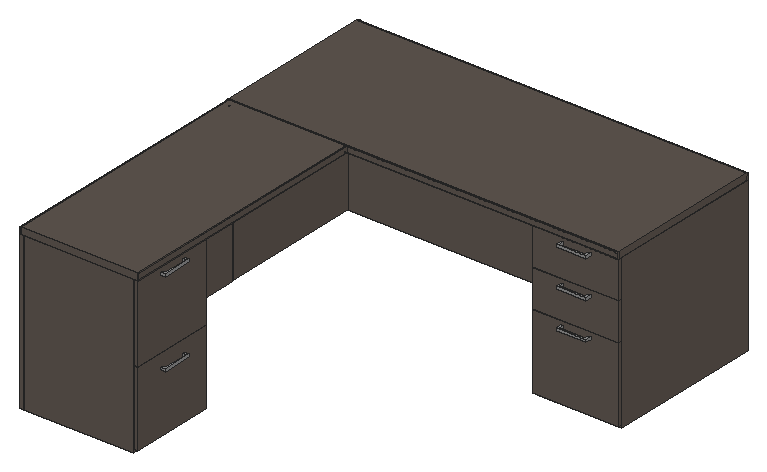
Revit family "T100296", category Furniture, Revit 2022
Family settings
  OmniClass Number = 23.40.20.00
  OmniClass Title = General Furniture and Specialties
  Work Plane-Based = No
  Always vertical = Yes
  Cut with Voids When Loaded = No
  Render Appearance Source = Family Geometry
  Shared = No
  Room Calculation Point = No
Parameters (values of type "T100296")
  URL = "https://ofs.com/"
  Manufacturer = "OFS"
  Description = "OFS TYPICAL T100296"
  Default Elevation = 0"
  Copyright © = "©OFS 2021"
  Catalog = "https://ofs.com/2020-experience"
  Authoring Version = "Autodesk Revit Architecture 2015"
  Assembly Code = "E2020400"
Reference planes (in)
  plane 1 "Center Front/Back": y = 0
  plane 2: z = 0
  plane 3 "Center Left/Right": x = 0
Dimensions and locks (in)
  aligned and locked: level to plane 2
Nested families (in)
  nested 1: "OFS ELEMENT OPEN L DESK LEFT AND RIGHT 84in Width 60in Return" at (102, 18.84375, 84), type "ELEMENT OPEN L DESK LEFT RETURN 84in Width 60in Return"
    with Right Desk Ovelay no, Left Desk Overlay no, Desk Overlay Option yes
  nested 2: "OFS IMPULSE G2 FULL SINGLE PEDESTAL RETURNS" at (14, -24, 0) x (0, 1, 0) z (0, 0, 1), type "Full Single Pedestal Return 22x48 left"
  nested 3: "OFS IMPULSE G2 RECTANGULAR FULL SINGLE PEDESTAL DESKS Right" at (33, 15, 0), type "Full Single Pedestal Desk 72x30 Right"
Definition of nested family "OFS IMPULSE G2 FULL SINGLE PEDESTAL RETURNS"
  Parameters (values of type "Full Single Pedestal Return 22x42 left")
    Width = 42"
    URL = "https://ofs.com/"
    Right = no
    Overhang = 0"
    Left = yes
    Height = 30"
    Model = "5-2242FLPR2"
    Drawer Front = none
    Depth = 22"
    Top Material = none
    Manufacturer = "OFS"
    Edge Material = none
    Description = "OFS IMPULSE G2 FULL SINGLE PEDESTAL RETURN, Left Sided, 42\" Width X 22\" Depth"
    Default Elevation = 0"
    Copyright © = "©OFS 2020"
    Chassis Material = none
    Catalog = "https://ofs.com/products/casegoods/private-office/impulse-g2"
    Authoring Version = "Autodesk Revit Architecture 2015"
    Assembly Code = "E2020200"
  Types (5): name | Width | Right | Left | Model | Description
    (no name) | 42" | no | yes | "5-2242FLPR2" | "OFS IMPULSE G2 FULL SINGLE PEDESTAL RETURN, Left Sided, 42\" Width X 22\" Depth"
    Full Single Pedestal Return 22x42 left | 42" | no | yes | "5-2242FLPR2" | "OFS IMPULSE G2 FULL SINGLE PEDESTAL RETURN, Left Sided, 42\" Width X 22\" Depth"
    Full Single Pedestal Return 22x48 left | 48" | no | yes | "5-2248FLPR2" | "OFS IMPULSE G2 FULL SINGLE PEDESTAL RETURN, Left Sided, 48\" Width X 22\" Depth"
    Full Single Pedestal Return 22x42 Right | 42" | yes | no | "5-2242FRPR2" | "OFS IMPULSE G2 FULL SINGLE PEDESTAL RETURN, Right Sided, 42\" Width X 22\" Depth"
    Full Single Pedestal Return 22x48 Right | 48" | yes | no | "5-2248FRPR2" | "OFS IMPULSE G2 FULL SINGLE PEDESTAL RETURN, Right Sided, 48\" Width X 22\" Depth"
  Reference planes (in)
    plane 1 "Center Front/Back": y = 3
    plane 2: z = 0
    plane 3 "Center Left/Right": x = 0
    plane 4 "LEFT": x = -21
    plane 5 "RIGHT": x = 21
    plane 6 "DESK TOP": z = 30
    plane 7 "BASE HEIGHT": z = 28.812
    plane 8 "FRONT": y = -8
    plane 9 "PEDESTAL BOTTOM": z = 0
    plane 10 "PEDESTAL TOP": z = 28.687
    plane 11: z = 0.563
    plane 12 "PEDESTAL FRONT": y = -7
    plane 13 "DRAWER FRONT": y = -7.75
    plane 14 "ARC DEPTH": y = 14
    plane 15: z = 14.313
    plane 16: z = 14.438
    plane 17: z = 21.874
    plane 18: z = 21.75
    plane 19: x = -20.937
    plane 20: x = 20.937
    plane 21: x = -5.187
    plane 22: x = -5.124
    plane 23: x = 5.187
    plane 24: x = 5.124
    plane 25: x = -19.937
    plane 26: x = -5.874
    plane 27: x = 5.874
    plane 28: z = 0.75
    plane 29 "MODESTY PANEL": y = 14
    plane 30: y = 13.25
    plane 31: y = 13.875
  Forms (in)
    Extrusion 1, solid, material <- "Drawer Front", visible <- "Left"
      sketch origin (0, -7.75, 0) x (1, 0, 0) y (0, 0, 1)
        loop
          line (-20.937, 14.313) -> (-20.937, 0.563) -> (-5.187, 0.563) -> (-5.187, 14.313) -> (-20.937, 14.313)
      from -0.75 to 0
    Extrusion 2, solid, material <- "Drawer Front", visible <- "Right"
      sketch origin (0, -7.75, 0) x (-1, 0, 0) y (0, 0, -1)
        loop
          line (-20.937, -14.313) -> (-5.187, -14.313) -> (-5.187, -0.563) -> (-20.937, -0.563) -> (-20.937, -14.313)
      from -0.75 to 0
    Extrusion 3, solid, material <- "Drawer Front", visible <- "Right"
      sketch origin (0, -7.75, 0) x (-1, 0, 0) y (0, 0, -1)
        loop
          line (-20.937, -28.687) -> (-5.187, -28.687) -> (-5.187, -14.438) -> (-20.937, -14.438) -> (-20.937, -28.687)
      from -0.75 to 0
    Extrusion 4, solid, material <- "Chassis Material", visible <- "Left"
      sketch origin (-21, 0, 0) x (0, 1, 0) y (0, 0, 1)
        loop
          line (-7, 28.687) -> (-7, 0) -> (13.25, 0) -> (13.25, 28.687) -> (-7, 28.687)
      from 0 to 1.063
    Extrusion 5, solid, material <- "Chassis Material", visible <- "Right"
      sketch origin (36, 0, 0) x (0, 1, 0) y (0, 0, -1)
        loop
          line (-7, -28.687) -> (13.25, -28.687) -> (13.25, 0.001) -> (-7, 0.001) -> (-7, -28.687)
      from 15 to 16.063
    Extrusion 6, solid, material <- "Chassis Material", visible <- "Right"
      sketch origin (18, 0, 0) x (0, 1, 0) y (0, 0, -1)
        loop
          line (-7, -28.812) -> (13.25, -28.812) -> (13.25, 0) -> (-7, 0) -> (-7, -28.812)
      from 12.126 to 12.876
    Extrusion 7, solid, material <- "Chassis Material", visible <- "Left"
      sketch origin (-15, 0, 0) x (0, 1, 0) y (0, 0, -1)
        loop
          line (-7, -28.812) -> (13.25, -28.812) -> (13.25, 0) -> (-7, 0) -> (-7, -28.812)
      from -9.876 to -9.126
    Extrusion 8, solid, material <- "Chassis Material", visible <- "Left"
      sketch origin (0, 14, 0) x (-1, 0, 0) y (0, 0, 1)
        loop
          line (5.124, 28.812) -> (5.124, 0) -> (21, 0) -> (21, 28.812) -> (5.124, 28.812)
      from -0.75 to 0
    Extrusion 9, solid, material <- "Chassis Material", visible <- "Left"
      sketch origin (0, 0, 0) x (0, 1, 0) y (-1, 0, 0)
        loop
          line (13.25, 5.874) -> (13.25, 19.937) -> (-7, 19.937) -> (-7, 5.874) -> (13.25, 5.874)
      from 0 to 0.75
    Extrusion 10, solid, material <- "Chassis Material", visible <- "Right"
      sketch origin (0, 0, 0) x (0, 1, 0) y (-1, 0, 0)
        loop
          line (13.25, -5.874) -> (-7, -5.874) -> (-7, -19.937) -> (13.25, -19.937) -> (13.25, -5.874)
      from 0 to 0.75
    Sweep 11, solid, material <- "Edge Material"
      path origin (0, 0, 30) x (0, 1, 0) y (-1, 0, 0)
        loop
          line (13.875, 21) -> (13.875, -21)
      profile origin (0, 13.875, 30) x (0, 1, 0) y (0, 0, 1)
        loop
          arc (0, -1.188) -> (0.08839, -1.15139) -> (0.125, -1.063) r 0.125
          line (0.125, -1.063) -> (0.125, -0.125)
          arc (0.125, -0.125) -> (0.08839, -0.03661) -> (0, 0) r 0.125
          line (0, 0) -> (0, -1.188)
    Extrusion 12, solid, material <- "Top Material"
      sketch origin (0, 0, 30) x (0, 1, 0) y (-1, 0, 0)
        loop
          line (13.875, 21) -> (-7.875, 21) -> (-7.875, -21) -> (13.875, -21) -> (13.875, 21)
      from -1.188 to 0
    Extrusion 13, solid, material <- "Edge Material"
      sketch origin (0, 0, 0) x (0, 1, 0) y (0, 0, 1)
        loop
          line (-7.875, 28.812) -> (-7.875, 30)
          arc (-7.875, 30) -> (-7.96339, 29.96339) -> (-8, 29.875) r 0.125
          line (-8, 29.875) -> (-8, 28.937)
          arc (-8, 28.937) -> (-7.96339, 28.84861) -> (-7.875, 28.812) r 0.125
      from -21 to 21
    Extrusion 14, solid, visible <- "Left"
      sketch origin (-19.03911, -15.37535, 22.938) x (1, 0, 0) y (0, 1, 0)
        loop
          line (3.25836, 7.62535) -> (3.25836, 6.62535) -> (8.69586, 6.62535) -> (8.69586, 7.62535) -> (8.32086, 7.62535) -> (8.32086, 6.81285) -> (3.63336, 6.81285) -> (3.63336, 7.62535) -> (3.25836, 7.62535)
      from 4.53125 to 5
    Extrusion 15, solid, visible <- "Right"
      sketch origin (19.03911, -15.37535, 22.938) x (-1, 0, 0) y (0, -1, 0)
        loop
          line (3.25836, -7.62535) -> (3.63336, -7.62535) -> (3.63336, -6.81285) -> (8.32086, -6.81285) -> (8.32086, -7.62535) -> (8.69586, -7.62535) -> (8.69586, -6.62535) -> (3.25836, -6.62535) -> (3.25836, -7.62535)
      from 4.53125 to 5
    Extrusion 16, solid, visible <- "Right"
      sketch origin (19.03911, -15.37535, 9.063) x (-1, 0, 0) y (0, -1, 0)
        loop
          line (3.25836, -7.62535) -> (3.63336, -7.62535) -> (3.63336, -6.81285) -> (8.32086, -6.81285) -> (8.32086, -7.62535) -> (8.69586, -7.62535) -> (8.69586, -6.62535) -> (3.25836, -6.62535) -> (3.25836, -7.62535)
      from 4.03125 to 4.5
    Extrusion 17, solid
      sketch origin (0, 0, 28.687) x (0, 1, 0) y (-1, 0, 0)
        loop
          line (13.25, 19.937) -> (13.25, 20.875) -> (-7, 20.875) -> (-7, 19.937) -> (13.25, 19.937)
      from 0 to 0.125
    Extrusion 18, solid
      sketch origin (0, 0, 28.687) x (0, 1, 0) y (-1, 0, 0)
        loop
          line (13.25, -19.937) -> (-7, -19.937) -> (-7, -20.875) -> (13.25, -20.875) -> (13.25, -19.937)
      from 0 to 0.125
    Extrusion 19, solid, material <- "Chassis Material", visible <- "Right"
      sketch origin (0, 14, 0) x (1, 0, 0) y (0, 0, -1)
        loop
          line (5.124, -28.812) -> (21, -28.812) -> (21, 0) -> (5.124, 0) -> (5.124, -28.812)
      from -0.75 to 0
    Extrusion 20, solid, visible <- "Left"
      sketch origin (-19.03911, -15.37535, 7.25) x (1, 0, 0) y (0, 1, 0)
        loop
          line (3.25836, 7.62535) -> (3.25836, 6.62535) -> (8.69586, 6.62535) -> (8.69586, 7.62535) -> (8.32086, 7.62535) -> (8.32086, 6.81285) -> (3.63336, 6.81285) -> (3.63336, 7.62535) -> (3.25836, 7.62535)
      from 4.53125 to 5
    Extrusion 21, solid, material <- "Drawer Front", visible <- "Left"
      sketch origin (0, -7.75, 0) x (1, 0, 0) y (0, 0, 1)
        loop
          line (-20.937, 28.687) -> (-20.937, 14.438) -> (-5.187, 14.438) -> (-5.187, 28.687) -> (-20.937, 28.687)
      from -0.75 to 0
    Extrusion 22, solid, material <- "Chassis Material", visible <- "Left"
      sketch origin (19.498, 14, 0) x (1, 0, 0) y (0, 0, -1)
        loop
          line (-24.685, -28.812) -> (1.502, -28.812) -> (1.502, 0) -> (-24.685, 0) -> (-24.685, -28.812)
      from -0.75 to 0
    Extrusion 23, solid, material <- "Chassis Material", visible <- "Right"
      sketch origin (-19.498, 14, 0) x (-1, 0, 0) y (0, 0, 1)
        loop
          line (-24.685, 28.812) -> (-24.685, 0) -> (0.439, 0) -> (0.439, 28.812) -> (-24.685, 28.812)
      from -0.75 to 0
    Extrusion 24, solid, material <- "Chassis Material", visible <- "Right"
      sketch origin (-21, 0, 0) x (0, 1, 0) y (0, 0, 1)
        loop
          line (3, 28.687) -> (3, 0) -> (13.25, 0) -> (13.25, 28.687) -> (3, 28.687)
      from 0 to 1.063
  Lines and regions (in)
    Masking region 1
      outline origin (0, 0, 0) x (1, 0, 0) y (0, 1, 0)
        loop
          line (-21, 14) -> (-21, -8) -> (21, -8) -> (21, 14) -> (-21, 14)
    Masking region 2, visible <- "Left"
      outline origin (0, 0, 0) x (1, 0, 0) y (0, 1, 0)
        loop
          line (-15.78075, -8) -> (-15.78075, -8.75) -> (-10.34325, -8.75) -> (-10.34325, -8) -> (-10.71825, -8) -> (-10.71825, -8.5625) -> (-15.40575, -8.5625) -> (-15.40575, -8) -> (-15.78075, -8)
    Masking region 3, visible <- "Right"
      outline origin (0, 0, 0) x (0, 1, 0) y (-1, 0, 0)
        loop
          line (-8, -15.78075) -> (-8, -15.40575) -> (-8.5625, -15.40575) -> (-8.5625, -10.71825) -> (-8, -10.71825) -> (-8, -10.34325) -> (-8.75, -10.34325) -> (-8.75, -15.78075) -> (-8, -15.78075)
  Dimensions and locks (in)
    equal spacing: plane 4 "LEFT", plane 3 "Center Left/Right", plane 5 "RIGHT"
    "Width": plane 4 "LEFT" to plane 5 "RIGHT"
    "Depth": plane 8 "FRONT" to plane 14 "ARC DEPTH"
    equal spacing: plane 8 "FRONT", plane 1 "Center Front/Back", plane 14 "ARC DEPTH"
    plane 8 "FRONT" to plane 13 "DRAWER FRONT" to plane 12 "PEDESTAL FRONT" = 1/4" locked, 3/4" locked
    plane 16 to plane 15 to plane 11 = 1/8" locked, 13 3/4" locked
    locked: plane 10 "PEDESTAL TOP" to plane 17 at 6.813
    plane 14 "ARC DEPTH" to plane 31 = 1/8"
    locked: plane 17 to plane 18 at 0.124
    plane 28 to plane 11 to plane 9 "PEDESTAL BOTTOM" = 0.187" locked, 0.563" locked
    Extrusion 5 to Extrusion 4 sketch curve = 28.687"
    Extrusion 8 sketch curve to Extrusion 12 = 28.812"
    plane 15 to Extrusion 16 to Extrusion 16 = 3/4" locked, 15/32" locked
    locked: plane 6 "DESK TOP" to plane 2 at 30
    plane 6 "DESK TOP" to plane 7 "BASE HEIGHT" to plane 10 "PEDESTAL TOP" = 1.188" locked, 1/8" locked
    "Height": plane 6 "DESK TOP" to plane 9 "PEDESTAL BOTTOM"
    locked: plane 29 "MODESTY PANEL" to plane 30 at 0.75
    plane 4 "LEFT" to plane 19 to plane 25 to plane 26 to plane 21 to plane 22 = 0.063" locked, 1" locked, 14.063" locked, 0.687" locked, 0.063" locked
    plane 24 to plane 23 to plane 27 to plane 20 to plane 5 "RIGHT" = 0.063" locked, 0.687" locked, 15.063", 0.063" locked
    "Overhang": plane 14 "ARC DEPTH" to plane 29 "MODESTY PANEL"
    aligned and locked: plane 19 to Extrusion 1 sketch curve
    aligned and locked: Extrusion 1 sketch curve to plane 15
    aligned and locked: plane 11 to Extrusion 1 sketch curve
    aligned and locked: Extrusion 1 sketch curve to plane 21
    aligned and locked: Extrusion 1 to plane 12 "PEDESTAL FRONT"
    aligned and locked: plane 13 "DRAWER FRONT" to Extrusion 1
    aligned and locked: plane 10 "PEDESTAL TOP" to Extrusion 4 sketch curve
    aligned and locked: plane 12 "PEDESTAL FRONT" to Extrusion 4 sketch curve
    aligned: Extrusion 4 to plane 4 "LEFT"
    aligned: plane 25 to Extrusion 4
    aligned and locked: plane 5 "RIGHT" to Extrusion 5
    aligned and locked: Extrusion 7 to plane 26
    aligned and locked: plane 22 to Extrusion 7
    aligned and locked: Extrusion 6 to plane 27
    aligned and locked: plane 24 to Extrusion 6
    aligned and locked: plane 7 "BASE HEIGHT" to Extrusion 6
    aligned: Extrusion 5 to plane 9 "PEDESTAL BOTTOM"
    aligned and locked: Extrusion 6 to plane 9 "PEDESTAL BOTTOM"
    aligned and locked: Extrusion 7 to plane 9 "PEDESTAL BOTTOM"
    aligned and locked: plane 7 "BASE HEIGHT" to Extrusion 7
    aligned and locked: plane 7 "BASE HEIGHT" to Extrusion 8 sketch curve
    aligned: Extrusion 8 to plane 30
    aligned: plane 29 "MODESTY PANEL" to Extrusion 8
    aligned and locked: plane 30 to Extrusion 7
    aligned and locked: plane 30 to Extrusion 6
    aligned and locked: Extrusion 9 sketch curve to plane 25
    aligned and locked: plane 30 to Extrusion 9 sketch curve
    aligned and locked: plane 26 to Extrusion 9 sketch curve
    aligned and locked: plane 12 "PEDESTAL FRONT" to Extrusion 9 sketch curve
    aligned and locked: Extrusion 9 to plane 9 "PEDESTAL BOTTOM"
    aligned and locked: plane 28 to Extrusion 9
    aligned and locked: Extrusion 10 to plane 9 "PEDESTAL BOTTOM"
    aligned and locked: plane 28 to Extrusion 10
    aligned and locked: Extrusion 10 sketch curve to plane 30
    aligned and locked: Extrusion 10 sketch curve to plane 27
    aligned and locked: Extrusion 10 sketch curve to plane 12 "PEDESTAL FRONT"
    aligned and locked: Extrusion 12 to plane 7 "BASE HEIGHT"
    aligned and locked: plane 6 "DESK TOP" to Extrusion 12
    aligned and locked: Extrusion 13 sketch curve to plane 8 "FRONT"
    aligned and locked: Extrusion 13 to plane 4 "LEFT"
    aligned and locked: plane 5 "RIGHT" to Extrusion 13
    aligned and locked: plane 16 to Extrusion 3 sketch curve
    aligned and locked: Extrusion 17 to plane 10 "PEDESTAL TOP"
    aligned and locked: plane 7 "BASE HEIGHT" to Extrusion 17
    aligned and locked: level to plane 2
    aligned and locked: Masking region 1 sketch curve to plane 14 "ARC DEPTH"
    aligned and locked: Sweep 11 sketch curve to plane 31
    aligned and locked: plane 30 to Extrusion 17
    aligned and locked: plane 30 to Extrusion 18
    aligned and locked: plane 30 to Extrusion 5
    aligned and locked: Extrusion 12 sketch curve to plane 31
    aligned and locked: Extrusion 8 to plane 9 "PEDESTAL BOTTOM"
    aligned and locked: plane 30 to Extrusion 4
    aligned and locked: plane 1 "Center Front/Back" to Extrusion 24
    aligned and locked: Extrusion 23 to plane 23
    aligned and locked: Extrusion 22 to plane 21
  Automatic sketch dimensions
    Extrusion 2 sketch curve to plane 15 = 0"
    Extrusion 2 sketch curve to plane 20 = 0"
    Extrusion 2 sketch curve to plane 11 = 0"
    plane 23 to Extrusion 2 sketch curve = 0"
    Extrusion 3 sketch curve to plane 20 = 0"
    Extrusion 3 sketch curve to plane 10 "PEDESTAL TOP" = 0"
    plane 23 to Extrusion 3 sketch curve = 0"
    Extrusion 4 sketch curve to plane 30 = 0"
    Extrusion 5 sketch curve to plane 10 "PEDESTAL TOP" = 0"
    Extrusion 5 sketch curve to plane 12 "PEDESTAL FRONT" = 0"
    Extrusion 5 sketch curve to plane 30 = 0"
    Extrusion 5 sketch curve to plane 9 "PEDESTAL BOTTOM" = 0.001"
    Extrusion 6 sketch curve to plane 7 "BASE HEIGHT" = 0"
    Extrusion 6 sketch curve to plane 12 "PEDESTAL FRONT" = 0"
    Extrusion 6 sketch curve to plane 9 "PEDESTAL BOTTOM" = 0"
    Extrusion 6 sketch curve to plane 30 = 0"
    Extrusion 7 sketch curve to plane 7 "BASE HEIGHT" = 0"
    Extrusion 7 sketch curve to plane 12 "PEDESTAL FRONT" = 0"
    Extrusion 7 sketch curve to plane 9 "PEDESTAL BOTTOM" = 0"
    Extrusion 7 sketch curve to plane 30 = 0"
    Extrusion 8 sketch curve to plane 22 = 0"
    Extrusion 8 sketch curve to plane 4 "LEFT" = 0"
    Sweep 11 sketch curve to plane 5 "RIGHT" = 0"
    Sweep 11 sketch curve to plane 4 "LEFT" = 0"
    Sweep 11 sketch curve to profile plane = 0"
    Sweep 11 sketch curve to plane 6 "DESK TOP" = 0"
    Sweep 11 sketch curve to Sweep 11 sketch curve = 1/8"
    Sweep 11 sketch curve to Sweep 11 sketch curve = 0.938"
    Extrusion 12 sketch curve to plane 4 "LEFT" = 0"
    Extrusion 12 sketch curve to plane 5 "RIGHT" = 0"
    Extrusion 12 sketch curve to plane 8 "FRONT" = 1/8"
    Extrusion 13 sketch curve to plane 6 "DESK TOP" = 0"
    Extrusion 13 sketch curve to plane 7 "BASE HEIGHT" = 0"
    Extrusion 13 sketch curve to plane 8 "FRONT" = 1/8"
    plane 13 "DRAWER FRONT" to Extrusion 14 sketch curve = 0"  (x2)
    plane 25 to Extrusion 14 sketch curve = 4 5/32"
    Extrusion 14 sketch curve to Extrusion 14 sketch curve = 3/8"  (x2)
    plane 8 "FRONT" to Extrusion 14 sketch curve = 9/16"
    Extrusion 14 sketch curve to Extrusion 14 sketch curve = 4 11/16"
    Extrusion 14 sketch curve to Extrusion 14 sketch curve = 3/16"
    plane 13 "DRAWER FRONT" to Extrusion 15 sketch curve = 0"  (x2)
    Extrusion 15 sketch curve to Extrusion 15 sketch curve = 3/8"  (x2)
    plane 8 "FRONT" to Extrusion 15 sketch curve = 9/16"
    Extrusion 15 sketch curve to Extrusion 15 sketch curve = 4 11/16"
    Extrusion 15 sketch curve to Extrusion 15 sketch curve = 3/16"
    plane 13 "DRAWER FRONT" to Extrusion 16 sketch curve = 0"  (x2)
    Extrusion 16 sketch curve to Extrusion 16 sketch curve = 3/8"  (x2)
    plane 8 "FRONT" to Extrusion 16 sketch curve = 9/16"
    Extrusion 16 sketch curve to Extrusion 16 sketch curve = 4 11/16"
    Extrusion 16 sketch curve to Extrusion 16 sketch curve = 3/16"
    Masking region 1 sketch curve to plane 4 "LEFT" = 0"
    Masking region 1 sketch curve to plane 5 "RIGHT" = 0"
    plane 8 "FRONT" to Masking region 1 sketch curve = 0"
    plane 8 "FRONT" to Masking region 2 sketch curve = 0"  (x2)
    plane 25 to Masking region 2 sketch curve = 4 5/32"
    Masking region 2 sketch curve to Masking region 2 sketch curve = 3/8"  (x2)
    plane 8 "FRONT" to Masking region 2 sketch curve = 9/16"
    Masking region 2 sketch curve to Masking region 2 sketch curve = 4 11/16"
    Masking region 2 sketch curve to Masking region 2 sketch curve = 3/16"
    plane 8 "FRONT" to Masking region 3 sketch curve = 0"  (x2)
    Masking region 3 sketch curve to Masking region 3 sketch curve = 9/16"
    Masking region 3 sketch curve to Masking region 3 sketch curve = 3/16"
    Masking region 3 sketch curve to Masking region 3 sketch curve = 3/8"  (x2)
    Masking region 3 sketch curve to Masking region 3 sketch curve = 4 11/16"
    plane 12 "PEDESTAL FRONT" to Extrusion 17 sketch curve = 0"
    Extrusion 17 sketch curve to plane 30 = 0"
    Extrusion 17 sketch curve to plane 25 = 0"
    plane 19 to Extrusion 17 sketch curve = 0.062"
    plane 12 "PEDESTAL FRONT" to Extrusion 18 sketch curve = 0"
    Extrusion 18 sketch curve to plane 30 = 0"
    plane 20 to Extrusion 18 sketch curve = 0.062"
    Extrusion 19 sketch curve to plane 7 "BASE HEIGHT" = 0"
    plane 24 to Extrusion 19 sketch curve = 0"
    Extrusion 19 sketch curve to plane 5 "RIGHT" = 0"
    Extrusion 19 sketch curve to plane 9 "PEDESTAL BOTTOM" = 0"
    plane 13 "DRAWER FRONT" to Extrusion 20 sketch curve = 0"  (x2)
    plane 25 to Extrusion 20 sketch curve = 4 5/32"
    Extrusion 20 sketch curve to Extrusion 20 sketch curve = 3/8"  (x2)
    plane 8 "FRONT" to Extrusion 20 sketch curve = 9/16"
    Extrusion 20 sketch curve to Extrusion 20 sketch curve = 4 11/16"
    Extrusion 20 sketch curve to Extrusion 20 sketch curve = 3/16"
    Extrusion 21 sketch curve to plane 16 = 0"
    Extrusion 21 sketch curve to plane 19 = 0"
    Extrusion 21 sketch curve to plane 10 "PEDESTAL TOP" = 0"
    Extrusion 21 sketch curve to plane 21 = 0"
    Extrusion 22 sketch curve to plane 7 "BASE HEIGHT" = 0"
    Extrusion 22 sketch curve to plane 24 = 10.311"
    Extrusion 22 sketch curve to plane 9 "PEDESTAL BOTTOM" = 0"
    Extrusion 23 sketch curve to plane 7 "BASE HEIGHT" = 0"
    plane 22 to Extrusion 23 sketch curve = 10.311"
    Extrusion 23 sketch curve to plane 9 "PEDESTAL BOTTOM" = 0"
    Extrusion 23 sketch curve to plane 25 = 0"
    Extrusion 24 sketch curve to plane 10 "PEDESTAL TOP" = 0"
    Extrusion 24 sketch curve to plane 12 "PEDESTAL FRONT" = 10"
    Extrusion 24 sketch curve to plane 30 = 0"
    Extrusion 24 sketch curve to level = 0"
    plane 20 to Extrusion 10 sketch curve = 1"
    Extrusion 15 sketch curve to plane 20 = 5 5/32"
    Extrusion 16 sketch curve to plane 20 = 5 5/32"
    Masking region 3 sketch curve to plane 20 = 5 5/32"
    Extrusion 18 sketch curve to Extrusion 18 sketch curve = 0.938"
    Extrusion 22 sketch curve to plane 20 = 0.063"
Definition of nested family "OFS IMPULSE G2 RECTANGULAR FULL SINGLE PEDESTAL DESKS Right"
  Parameters (values of type "Full Single Pedestal Desk 72x30 Right")
    URL = "https://ofs.com/"
    Height = 28.187"
    Model = "5-7230FRPD2"
    Full Pedestal = Height > 25"  # yes
    Drawer Material = none
    Width = 72"
    Depth = 30"
    Top Material = none
    Manufacturer = "OFS"
    Edge Material = none
    Description = "OFS IMPULSE G2 FULL SINGLE PEDESTAL DESK 72\" Width X 30\" Depth, Right Sided"
    Default Elevation = 0"
    Copyright © = "©OFS 2020"
    Chassis Material = none
    Authoring Version = "Autodesk Revit Architecture 2015"
    Assembly Code = "E2020200"
  Types (7): name | Height | Model | Full Pedestal | Width | Depth | Description
    (no name) | 28.187" | "5-7230FRPD2" | yes | 72" | 30" | "OFS IMPULSE G2 FULL SINGLE PEDESTAL DESK 72\" Width X 30\" Depth, Right Sided"
    Full Single Pedestal Desk 66x30 Right | 28.187" | "5-6630FRPD2" | yes | 66" | 30" | "OFS IMPULSE G2 FULL SINGLE PEDESTAL DESK 66\" Width X 30\" Depth, Right Sided"
    Full Single Pedestal Desk 72x36 Right | 28.187" | "5-7236FRPD2" | yes | 72" | 36" | "OFS IMPULSE G2 FULL SINGLE PEDESTAL DESK 72\" Width X 36\" Depth, Right Sided"
    3/4 Single Pedestal Desk 66x30 Right | 21 1/4" | "5-6630RPD2" | no | 66" | 30" | "OFS IMPULSE G2 3/4 SINGLE PEDESTAL DESK 66\" Width X 30\" Depth, Right Sided"
    3/4 Single Pedestal Desk 72x36 Right | 21 1/4" | "5-7236RPD2" | no | 72" | 36" | "OFS IMPULSE G2 3/4 SINGLE PEDESTAL DESK 72\" Width X 36\" Depth, Right Sided"
    3/4 Single Pedestal Desk 72x30 Right | 21 1/4" | "5-7230RPD2" | no | 72" | 30" | "OFS IMPULSE G2 3/4 SINGLE PEDESTAL DESK 72\" Width X 30\" Depth, Right Sided"
    Full Single Pedestal Desk 72x30 Right | 28.187" | "5-7230FRPD2" | yes | 72" | 30" | "OFS IMPULSE G2 FULL SINGLE PEDESTAL DESK 72\" Width X 30\" Depth, Right Sided"
  Reference planes (in)
    plane 1 "Center Front/Back": y = 0
    plane 2: z = 0
    plane 3 "RIGHT": x = -33
    plane 4 "DESK TOP": z = 30
    plane 5 "BASE HEIGHT": z = 28.812
    plane 6 "BACK": y = 15
    plane 7 "FRONT": y = -15
    plane 8 "PEDESTAL BOTTOM": z = 0.5
    plane 9 "PEDESTAL TOP": z = 28.687
    plane 10: z = 1.063
    plane 11 "PEDESTAL FRONT": y = -14
    plane 12 "DRAWER FRONT": y = -14.75
    plane 13: z = 14.813
    plane 14: z = 14.938
    plane 15: z = 21.874
    plane 16: z = 21.75
    plane 17: z = 1.25
    plane 18 "MODESTY PANEL": y = 12
    plane 19: y = 11.25
    plane 20: y = 14.875
    plane 21: x = 3
    plane 22: x = 39
    plane 23: x = 38.937
    plane 24: x = 23.187
    plane 25: x = 23.124
    plane 26: x = 37.937
    plane 27: x = 23.874
    plane 28: x = -31.937
  Forms (in)
    Extrusion 1, solid, material <- "Drawer Material"
      sketch origin (-80, -14.75, 0) x (-1, 0, 0) y (0, 0, -1)
        loop
          line (-118.937, -14.813) -> (-103.187, -14.813) -> (-103.187, -1.063) -> (-118.937, -1.063) -> (-118.937, -14.813)
      from -0.75 to 0
    Extrusion 2, solid, visible <- "Full Pedestal"
      sketch origin (-80, -14.75, 0) x (-1, 0, 0) y (0, 0, -1)
        loop
          line (-118.937, -21.75) -> (-103.187, -21.75) -> (-103.187, -14.938) -> (-118.937, -14.938) -> (-118.937, -21.75)
      from -0.75 to 0
    Extrusion 3, solid
      sketch origin (-80, -14.75, 0) x (-1, 0, 0) y (0, 0, -1)
        loop
          line (-118.937, -28.687) -> (-103.187, -28.687) -> (-103.187, -21.874) -> (-118.937, -21.874) -> (-118.937, -28.687)
      from -0.75 to 0
    Extrusion 4, solid, material <- "Chassis Material"
      sketch origin (39, 0, 0) x (0, 1, 0) y (0, 0, -1)
        loop
          line (-14, -28.687) -> (15, -28.687) -> (15, -0.499) -> (-14, -0.499) -> (-14, -28.687)
      from 0 to 1.063
    Extrusion 5, solid, material <- "Chassis Material"
      sketch origin (-50, 0, 0) x (0, 1, 0) y (0, 0, 1)
        loop
          line (-14.875, 28.687) -> (-14.875, 0.499) -> (15, 0.499) -> (15, 28.687) -> (-14.875, 28.687)
      from 17 to 18.063
    Extrusion 6, solid, material <- "Chassis Material"
      sketch origin (1, 0, 0) x (0, 1, 0) y (0, 0, 1)
        loop
          line (-14, 28.812) -> (-14, 0.5) -> (11.25, 0.5) -> (11.25, 28.812) -> (-14, 28.812)
      from 22.124 to 22.874
    Extrusion 7, solid, material <- "Chassis Material"
      sketch origin (-80, 12, 0) x (1, 0, 0) y (0, 0, -1)
        loop
          line (48.063, -28.812) -> (117.937, -28.812) -> (117.937, -0.499) -> (48.063, -0.499) -> (48.063, -28.812)
      from -0.75 to 0
    Extrusion 8, solid, material <- "Chassis Material"
      sketch origin (-14, 0, 0.5) x (0, 1, 0) y (-1, 0, 0)
        loop
          line (11.25, -37.874) -> (-14, -37.874) -> (-14, -51.937) -> (11.25, -51.937) -> (11.25, -37.874)
      from 0 to 0.75
    Extrusion 9, solid, material <- "Top Material"
      sketch origin (-14, 0, 30) x (0, 1, 0) y (-1, 0, 0)
        loop
          line (14.875, -53) -> (14.875, 19) -> (-14.875, 19) -> (-14.875, -53) -> (14.875, -53)
      from -1.188 to 0
    Extrusion 10, solid, material <- "Edge Material"
      sketch origin (3, 0, 0) x (0, 1, 0) y (0, 0, -1)
        loop
          arc (-14.875, -28.812) -> (-14.96339, -28.84861) -> (-15, -28.937) r 0.125
          line (-15, -28.937) -> (-15, -29.875)
          arc (-15, -29.875) -> (-14.96339, -29.96339) -> (-14.875, -30) r 0.125
          line (-14.875, -30) -> (-14.875, -28.812)
      from -36 to 36
    Extrusion 11, solid, visible <- "Full Pedestal"
      sketch origin (5.03911, -15.37535, 16.001) x (-1, 0, 0) y (0, -1, 0)
        loop
          line (-28.74164, -0.62535) -> (-28.36664, -0.62535) -> (-28.36664, 0.18715) -> (-23.67914, 0.18715) -> (-23.67914, -0.62535) -> (-23.30414, -0.62535) -> (-23.30414, 0.37465) -> (-28.74164, 0.37465) -> (-28.74164, -0.62535)
      from 4.53125 to 5
    Extrusion 12, solid
      sketch origin (5.03911, -15.37535, 22.938) x (-1, 0, 0) y (0, -1, 0)
        loop
          line (-28.74164, -0.62535) -> (-28.36664, -0.62535) -> (-28.36664, 0.18715) -> (-23.67914, 0.18715) -> (-23.67914, -0.62535) -> (-23.30414, -0.62535) -> (-23.30414, 0.37465) -> (-28.74164, 0.37465) -> (-28.74164, -0.62535)
      from 4.53125 to 5
    Extrusion 13, solid
      sketch origin (5.03911, -15.37535, 9.063) x (-1, 0, 0) y (0, -1, 0)
        loop
          line (-28.74164, -0.62535) -> (-28.36664, -0.62535) -> (-28.36664, 0.18715) -> (-23.67914, 0.18715) -> (-23.67914, -0.62535) -> (-23.30414, -0.62535) -> (-23.30414, 0.37465) -> (-28.74164, 0.37465) -> (-28.74164, -0.62535)
      from 4.53125 to 5
    Extrusion 14, solid
      sketch origin (-14, 0, 28.687) x (0, 1, 0) y (-1, 0, 0)
        loop
          line (14.86747, -51.937) -> (-14, -51.937) -> (-14, -52.875) -> (14.86747, -52.875) -> (14.86747, -51.937)
      from 0 to 0.125
    Extrusion 15, solid
      sketch origin (-14, 0, 28.687) x (0, 1, 0) y (-1, 0, 0)
        loop
          line (14.86747, 17.937) -> (14.86747, 18.875) -> (-14.75, 18.875) -> (-14.75, 17.937) -> (14.86747, 17.937)
      from 0 to 0.125
    Extrusion 16, solid, material <- "Edge Material"
      sketch origin (3, 0, 0) x (0, -1, 0) y (0, 0, 1)
        loop
          line (-14.875, 28.812) -> (-14.875, 30)
          arc (-14.875, 30) -> (-14.96339, 29.96339) -> (-15, 29.875) r 0.125
          line (-15, 29.875) -> (-15, 28.937)
          arc (-15, 28.937) -> (-14.96339, 28.84861) -> (-14.875, 28.812) r 0.125
      from -36 to 36
  Lines and regions (in)
    Masking region 1
      outline origin (-14, 0, 0) x (0, 1, 0) y (-1, 0, 0)
        loop
          line (15, -53) -> (15, 19) -> (-15, 19) -> (-15, -53) -> (15, -53)
    Masking region 2
      outline origin (-14, 0, 0) x (0, 1, 0) y (-1, 0, 0)
        loop
          line (-15, -47.78075) -> (-15, -47.40575) -> (-15.5625, -47.40575) -> (-15.5625, -42.71825) -> (-15, -42.71825) -> (-15, -42.34325) -> (-15.75, -42.34325) -> (-15.75, -47.78075) -> (-15, -47.78075)
  Dimensions and locks (in)
    plane 14 to plane 13 to plane 10 = 1/8" locked, 13 3/4" locked
    locked: plane 9 "PEDESTAL TOP" to plane 15 at 6.813
    locked: plane 15 to plane 16 at 0.124
    plane 17 to plane 10 to plane 8 "PEDESTAL BOTTOM" = 0.187" locked, 0.563" locked
    locked: plane 4 "DESK TOP" to plane 2 at 30
    plane 4 "DESK TOP" to plane 5 "BASE HEIGHT" to plane 9 "PEDESTAL TOP" = 1.188" locked, 1/8" locked
    "Height": plane 9 "PEDESTAL TOP" to plane 8 "PEDESTAL BOTTOM"
    equal spacing: plane 7 "FRONT", plane 1 "Center Front/Back", plane 6 "BACK"
    locked: Extrusion 5 to Extrusion 4 sketch curve at 28.188
    plane 22 to plane 23 to plane 26 to plane 27 to plane 24 to plane 25 = 0.063" locked, 1" locked, 14.063", 0.687" locked, 0.063" locked
    locked: plane 6 "BACK" to plane 20 at 0.125
    "Width": plane 3 "RIGHT" to plane 22
    equal spacing: plane 3 "RIGHT", plane 21, plane 22
    plane 7 "FRONT" to plane 12 "DRAWER FRONT" to plane 11 "PEDESTAL FRONT" to plane 19 to plane 18 "MODESTY PANEL" = 1/4" locked, 3/4" locked, 25 1/4" locked, 3/4" locked
    "Depth": plane 6 "BACK" to plane 7 "FRONT"
    aligned and locked: level to plane 2
    aligned and locked: plane 23 to Extrusion 1 sketch curve
    aligned and locked: Extrusion 1 sketch curve to plane 24
    aligned and locked: Extrusion 2 sketch curve to plane 23
    aligned and locked: plane 24 to Extrusion 2 sketch curve
    aligned and locked: plane 24 to Extrusion 3 sketch curve
    aligned and locked: plane 11 "PEDESTAL FRONT" to Extrusion 3
    aligned and locked: Extrusion 3 to plane 12 "DRAWER FRONT"
    aligned and locked: plane 11 "PEDESTAL FRONT" to Extrusion 2
    aligned and locked: Extrusion 2 to plane 12 "DRAWER FRONT"
    aligned and locked: plane 11 "PEDESTAL FRONT" to Extrusion 1
    aligned and locked: Extrusion 1 to plane 12 "DRAWER FRONT"
    aligned and locked: Extrusion 4 sketch curve to plane 11 "PEDESTAL FRONT"
    aligned and locked: Extrusion 4 sketch curve to plane 6 "BACK"
    aligned and locked: Extrusion 5 to plane 28
    aligned and locked: plane 27 to Extrusion 6
    aligned and locked: Extrusion 6 to plane 25
    aligned and locked: Extrusion 7 sketch curve to plane 28
    aligned and locked: Extrusion 7 sketch curve to plane 26
    aligned and locked: Extrusion 6 to plane 19
    aligned and locked: plane 26 to Extrusion 8 sketch curve
    aligned and locked: Extrusion 8 sketch curve to plane 19
    aligned and locked: Extrusion 8 sketch curve to plane 27
    aligned and locked: Extrusion 8 sketch curve to plane 11 "PEDESTAL FRONT"
    aligned and locked: plane 7 "FRONT" to Extrusion 10 sketch curve
    aligned and locked: plane 22 to Extrusion 10
    aligned: Extrusion 7 to Extrusion 5
    aligned and locked: Masking region 1 sketch curve to plane 6 "BACK"
    aligned and locked: Extrusion 16 sketch curve to plane 6 "BACK"
    aligned and locked: plane 20 to Extrusion 16
    aligned and locked: plane 22 to Extrusion 16
    aligned and locked: Extrusion 15 to plane 12 "DRAWER FRONT"
    aligned and locked: plane 6 "BACK" to Extrusion 5 sketch curve
    aligned and locked: Extrusion 10 to Extrusion 5 sketch curve
    aligned and locked: Extrusion 5 to plane 3 "RIGHT"
    aligned and locked: Extrusion 10 to plane 3 "RIGHT"
    aligned and locked: Extrusion 16 to plane 3 "RIGHT"
    aligned and locked: Extrusion 5 to Extrusion 7
    aligned and locked: Extrusion 7 to Extrusion 4
  Automatic sketch dimensions
    Extrusion 1 sketch curve to plane 10 = 0"
    Extrusion 1 sketch curve to plane 13 = 0"
    Extrusion 2 sketch curve to plane 14 = 0"
    Extrusion 2 sketch curve to plane 16 = 0"
    Extrusion 3 sketch curve to plane 15 = 0"
    plane 23 to Extrusion 3 sketch curve = 0"
    Extrusion 3 sketch curve to plane 9 "PEDESTAL TOP" = 0"
    Extrusion 4 sketch curve to plane 9 "PEDESTAL TOP" = 0"
    Extrusion 5 sketch curve to plane 9 "PEDESTAL TOP" = 0"
    Extrusion 5 sketch curve to plane 8 "PEDESTAL BOTTOM" = 0.001"
    Extrusion 6 sketch curve to plane 5 "BASE HEIGHT" = 0"
    Extrusion 6 sketch curve to plane 11 "PEDESTAL FRONT" = 0"
    Extrusion 6 sketch curve to plane 8 "PEDESTAL BOTTOM" = 0"
    Extrusion 6 sketch curve to plane 19 = 0"
    Extrusion 7 sketch curve to plane 5 "BASE HEIGHT" = 0"
    Extrusion 9 sketch curve to plane 22 = 0"
    Extrusion 9 sketch curve to plane 3 "RIGHT" = 0"
    Extrusion 9 sketch curve to plane 20 = 0"
    plane 7 "FRONT" to Extrusion 9 sketch curve = 1/8"
    Extrusion 10 sketch curve to plane 4 "DESK TOP" = 0"
    Extrusion 10 sketch curve to plane 5 "BASE HEIGHT" = 0"
    plane 7 "FRONT" to Extrusion 10 sketch curve = 1/8"
    plane 12 "DRAWER FRONT" to Extrusion 11 sketch curve = 0"  (x2)
    plane 26 to Extrusion 11 sketch curve = 4 5/32"
    Extrusion 11 sketch curve to Extrusion 11 sketch curve = 3/8"  (x2)
    plane 7 "FRONT" to Extrusion 11 sketch curve = 9/16"
    Extrusion 11 sketch curve to Extrusion 11 sketch curve = 4 11/16"
    Extrusion 11 sketch curve to Extrusion 11 sketch curve = 3/16"
    plane 12 "DRAWER FRONT" to Extrusion 12 sketch curve = 0"  (x2)
    plane 26 to Extrusion 12 sketch curve = 4 5/32"
    Extrusion 12 sketch curve to Extrusion 12 sketch curve = 3/8"  (x2)
    plane 7 "FRONT" to Extrusion 12 sketch curve = 9/16"
    Extrusion 12 sketch curve to Extrusion 12 sketch curve = 4 11/16"
    Extrusion 12 sketch curve to Extrusion 12 sketch curve = 3/16"
    plane 12 "DRAWER FRONT" to Extrusion 13 sketch curve = 0"  (x2)
    plane 26 to Extrusion 13 sketch curve = 4 5/32"
    Extrusion 13 sketch curve to Extrusion 13 sketch curve = 3/8"  (x2)
    plane 7 "FRONT" to Extrusion 13 sketch curve = 9/16"
    Extrusion 13 sketch curve to Extrusion 13 sketch curve = 4 11/16"
    Extrusion 13 sketch curve to Extrusion 13 sketch curve = 3/16"
    plane 7 "FRONT" to Masking region 1 sketch curve = 0"
    Masking region 1 sketch curve to plane 22 = 0"
    Masking region 1 sketch curve to plane 3 "RIGHT" = 0"
    plane 7 "FRONT" to Masking region 2 sketch curve = 0"  (x2)
    Masking region 2 sketch curve to Masking region 2 sketch curve = 9/16"
    Masking region 2 sketch curve to Masking region 2 sketch curve = 3/16"
    plane 26 to Masking region 2 sketch curve = 4 5/32"
    Masking region 2 sketch curve to Masking region 2 sketch curve = 3/8"  (x2)
    Masking region 2 sketch curve to Masking region 2 sketch curve = 4 11/16"
    plane 11 "PEDESTAL FRONT" to Extrusion 14 sketch curve = 0"
    Extrusion 14 sketch curve to plane 26 = 0"
    plane 20 to Extrusion 14 sketch curve = 0.00753"
    Extrusion 14 sketch curve to plane 23 = 0.062"
    Extrusion 15 sketch curve to plane 12 "DRAWER FRONT" = 0"
    Extrusion 15 sketch curve to plane 28 = 0"
    Extrusion 15 sketch curve to plane 20 = 0.00753"
    plane 3 "RIGHT" to Extrusion 15 sketch curve = 1/8"
    Extrusion 16 sketch curve to plane 4 "DESK TOP" = 0"
    Extrusion 16 sketch curve to plane 20 = 0"
    Extrusion 16 sketch curve to plane 5 "BASE HEIGHT" = 0"
    Extrusion 7 sketch curve to plane 4 "DESK TOP" = 29.501"
Definition of nested family "OFS ELEMENT OPEN L DESK LEFT AND RIGHT 84in Width 60in Return"
  Parameters (values of type "ELEMENT OPEN L DESK RIGHT RETURN 84in Width 60in Return")
    Worksurface Material = none
    Width = 84"
    URL = "http://www.ofsbrands.com/"
    Transaction Shelf Material = none
    Table Supp from Lateral = 2 5/8"
    Table Supp from Center = 11 1/8"
    Table Depth = 13 1/2"
    Right Return Desk Option = no
    Right Desk Ovelay [instance] = and(Right Return Desk Option, Desk Overlay Option)  # no
    Return Worksurface Width = 22"
    Paper Organizer Material = none
    Paper Organizer Depth = 12 3/4"
    Paper Organizer Clearance = 4 5/8"
    Paper Organizer Board Thickness = 3/4"
    Model = "EL-T84RL60C"
    Manufacturer = "OFS"
    Left Return Desk Option = yes
    Left Desk Overlay [instance] = and(Left Return Desk Option, Desk Overlay Option)  # yes
    Lateral Board Thickness = 1 3/16"
    Height = 45"
    Standoffs Material = none
    Groomet Material = none
    Desk Overlay Thickness = 1/8"
    Desk Overlay Option [instance] = yes
    Desk Overlay Material = none
    Desk Overlay = 6 1/2"
    Description = "OFS BRANDS OFS ELEMENT OPEN L DESK RIGHT RETURN 84\" Width, 84\"W x 34.3125\"D DESK, 60\"W x 22\"D RETURN With Paper Organizer"
    Desk Depth = 34 5/16"
    Depth = 94 5/16"
    Default Elevation = 0"
    Copyright © = "© 2018 OFS BRANDS"
    Catalog = "http://ofs.com/products/casegoods/reception/element"
    Bottom Board Offset = 0"
    Chassis Material = none
    Base Depth = 30"
    Back Board Thickness = 1 3/16"
    Authoring Version = "Autodesk Revit Architecture 2013"
    Assembly Code = "E2020200"
  Types (3): name | Model | Left Return Desk Option | Left Desk Overlay | Description
    (no name) | "EL-T84RL60C" | yes | yes | "OFS BRANDS OFS ELEMENT OPEN L DESK RIGHT RETURN 84\" Width, 84\"W x 34.3125\"D DESK, 60\"W x 22\"D RETURN With Paper Organizer"
    ELEMENT OPEN L DESK LEFT RETURN 84in Width 60in Return | "EL-T84LL60C" | no | no | "OFS BRANDS OFS ELEMENT OPEN L DESK LEFT RETURN 84\" Width, 84\"W x 34.3125\"D DESK, 60\"W x 22\"D RETURN With Paper Organizer"
    ELEMENT OPEN L DESK RIGHT RETURN 84in Width 60in Return | "EL-T84RL60C" | yes | yes | "OFS BRANDS OFS ELEMENT OPEN L DESK RIGHT RETURN 84\" Width, 84\"W x 34.3125\"D DESK, 60\"W x 22\"D RETURN With Paper Organizer"
  Reference planes (in)
    plane 1 "Center Front/Back": y = 0
    plane 2: z = 0
    plane 3 "Center Left/Right": x = 0
    plane 4 "Back External": y = 17.15625
    plane 5 "Right External": x = 42
    plane 6 "Front External": y = -17.15625
    plane 7 "Left External": x = -42
    plane 8 "Seat Height": z = 29.5
    plane 9 "Height": z = 45
    plane 10: x = 40.8125
    plane 11: x = -40.8125
    plane 12: y = 12.84375
    plane 13: y = 11.65625
    plane 14: y = 3.65625
    plane 15: z = 40.5
    plane 16: z = 28.5
    plane 17: z = 43.875
    plane 18: z = 39.375
    plane 19: z = 0
    plane 20: x = 39.375
    plane 21: x = 2.625
    plane 22: x = 35.5
    plane 23: z = 6.5
    plane 24: z = 34
    plane 25: y = 12.96875
    plane 26: y = -77.15625
    plane 27: x = -20
    plane 28: x = 20
    plane 29: y = -75.96875
    plane 30: x = -37
    plane 31: x = 37
    plane 32: y = -47.15625
    plane 33: x = 6.5
    plane 34: y = -18.34375
    plane 35: y = -75.21875
    plane 36: x = -40.0625
    plane 37: y = -19.09375
    plane 38: x = -28.0625
    plane 39: z = 34.125
    plane 40: z = 39.75
    plane 41: z = 34.875
    plane 42: y = -61.5625
    plane 43: y = -32.75
    plane 44: x = -28.8125
    plane 45: x = 20
    plane 46: x = 37
    plane 47: y = -19.09375
    plane 48: x = 28.0625
    plane 49: y = -61.5625
    plane 50: y = -32.75
    plane 51: x = 28.8125
    plane 52: x = -39.375
    plane 53: x = -2.625
    plane 54: x = -35.5
    plane 55: x = -6.5
  Forms (in)
    Extrusion 1, solid, material <- "Chassis Material", visible <- "Left Return Desk Option"
      sketch origin (0, 0, 0) x (1, 0, 0) y (0, 1, 0)
        loop
          line (42, 12.84375) -> (0, 12.84375) -> (0, 11.65625) -> (40.8125, 11.65625) -> (40.8125, -17.15625) -> (42, -17.15625) -> (42, 12.84375)
      from 0 to 40.5
    Extrusion 2, solid, material <- "Chassis Material", visible <- "Left Return Desk Option"
      sketch origin (0, 0, 6) x (1, 0, 0) y (0, 1, 0)
        loop
          line (0, 11.65625) -> (0, 3.65625) -> (40.8125, 3.65625) -> (40.8125, 11.65625) -> (0, 11.65625)
      from 33.375 to 34.5
    Extrusion 3, solid, material <- "Transaction Shelf Material", visible <- "Left Return Desk Option"
      sketch origin (0, 0, 6) x (1, 0, 0) y (0, 1, 0)
        loop
          line (0, 17.15625) -> (0, 3.65625) -> (42, 3.65625) -> (42, 17.15625) -> (0, 17.15625)
      from 37.875 to 39
    Extrusion 4, solid, material <- "Standoffs Material", visible <- "Left Return Desk Option"
      sketch origin (44.5, 0, 0) x (1, 0, 0) y (0, 1, 0)
        loop
          circle (-41.875, 10.04085) r 0.625
      from 40.5 to 43.875
    Extrusion 5, solid, material <- "Standoffs Material", visible <- "Left Return Desk Option"
      sketch origin (44.5, -4.75, 0) x (1, 0, 0) y (0, 1, 0)
        loop
          circle (-41.875, 10.04085) r 0.625
      from 40.5 to 43.875
    Extrusion 6, solid, material <- "Standoffs Material", visible <- "Left Return Desk Option"
      sketch origin (66.75, 0, 0) x (1, 0, 0) y (0, 1, 0)
        loop
          circle (-27.375, 10.04085) r 0.625
      from 40.5 to 43.875
    Extrusion 7, solid, material <- "Standoffs Material", visible <- "Left Return Desk Option"
      sketch origin (66.75, -4.75, 0) x (1, 0, 0) y (0, 1, 0)
        loop
          circle (-27.375, 10.04085) r 0.625
      from 40.5 to 43.875
    Extrusion 8, solid, material <- "Chassis Material", visible <- "Left Return Desk Option"
      sketch origin (0, 0, 0) x (1, 0, 0) y (0, 1, 0)
        loop
          line (-42, -17.15625) -> (-42, -77.15625) -> (-20, -77.15625) -> (-20, -75.96875) -> (-40.8125, -75.96875) -> (-40.8125, -18.34375) -> (-20, -18.34375) -> (-20, -17.15625) -> (-42, -17.15625)
      from 0 to 40.5
    Extrusion 9, solid, material <- "Worksurface Material", visible <- "Left Return Desk Option"
      sketch origin (14.83926, -32.43958, 0) x (1, 0, 0) y (0, 1, 0)
        loop
          line (-55.65176, 14.09583) -> (-55.65176, -43.52917) -> (-34.83926, -43.52917) -> (-34.83926, 14.09583) -> (-55.65176, 14.09583)
      from 28.5 to 29.5
    Extrusion 10, solid, material <- "Desk Overlay Material", visible <- "Left Desk Overlay"
      sketch origin (0, 0, 0) x (1, 0, 0) y (0, 0, 1)
        loop
          line (35.5, 34) -> (6.5, 34) -> (6.5, 6.5) -> (35.5, 6.5) -> (35.5, 34)
      from -12.96875 to -12.84375
    Extrusion 11, solid, material <- "Chassis Material", visible <- "Left Return Desk Option"
      sketch origin (-18.5848, -3.95032, 0) x (1, 0, 0) y (0, 1, 0)
        loop
          line (19.7723, 15.60657) -> (18.5848, 15.60657) -> (18.5848, 3.95032) -> (19.7723, 3.95032) -> (19.7723, 15.60657)
      from 0 to 28.5
    Extrusion 12, solid, material <- "Paper Organizer Material", visible <- "Left Return Desk Option"
      sketch origin (0, 0, 0) x (1, 0, 0) y (0, 1, 0)
        loop
          line (-28.0625, -19.09375) -> (-28.0625, -18.34375) -> (-40.8125, -18.34375) -> (-40.8125, -75.96875) -> (-28.0625, -75.96875) -> (-28.0625, -75.21875) -> (-40.0625, -75.21875) -> (-40.0625, -19.09375) -> (-28.0625, -19.09375)
      from 34.125 to 40.5
    Extrusion 13, solid, material <- "Paper Organizer Material", visible <- "Left Return Desk Option"
      sketch origin (0, 0, 0) x (1, 0, 0) y (0, 1, 0)
        loop
          line (-40.8125, -18.34375) -> (-40.8125, -75.96875) -> (-28.0625, -75.96875) -> (-28.0625, -18.34375) -> (-40.8125, -18.34375)
      from 39.75 to 40.5
    Extrusion 14, solid, material <- "Paper Organizer Material", visible <- "Left Return Desk Option"
      sketch origin (0, 0, 0) x (1, 0, 0) y (0, 1, 0)
        loop
          line (-40.8125, -18.34375) -> (-40.8125, -75.96875) -> (-28.0625, -75.96875) -> (-28.0625, -18.34375) -> (-40.8125, -18.34375)
      from 34.125 to 34.875
    Extrusion 15, solid, material <- "Paper Organizer Material", visible <- "Left Return Desk Option"
      sketch origin (0, 0, 0) x (1, 0, 0) y (0, 1, 0)
        loop
          line (-40.0625, -32.625) -> (-40.0625, -32.875) -> (-28.8125, -32.875) -> (-28.8125, -32.625) -> (-40.0625, -32.625)
      from 34.875 to 39.75
    Extrusion 16, solid, material <- "Paper Organizer Material", visible <- "Left Return Desk Option"
      sketch origin (0, -11.40625, 0) x (1, 0, 0) y (0, 1, 0)
        loop
          line (-40.0625, -35.625) -> (-40.0625, -35.875) -> (-28.8125, -35.875) -> (-28.8125, -35.625) -> (-40.0625, -35.625)
      from 34.875 to 39.75
    Extrusion 17, solid, material <- "Paper Organizer Material", visible <- "Left Return Desk Option"
      sketch origin (0, -22.8125, 0) x (1, 0, 0) y (0, 1, 0)
        loop
          line (-40.0625, -38.625) -> (-40.0625, -38.875) -> (-28.8125, -38.875) -> (-28.8125, -38.625) -> (-40.0625, -38.625)
      from 34.875 to 39.75
    Extrusion 18, solid, material <- "Chassis Material", visible <- "Right Return Desk Option"
      sketch origin (0, 0, 0) x (-1, 0, 0) y (0, -1, 0)
        loop
          line (-42, 17.15625) -> (-20, 17.15625) -> (-20, 18.34375) -> (-40.8125, 18.34375) -> (-40.8125, 75.96875) -> (-20, 75.96875) -> (-20, 77.15625) -> (-42, 77.15625) -> (-42, 17.15625)
      from 0 to 40.5
    Extrusion 19, solid, material <- "Worksurface Material", visible <- "Right Return Desk Option"
      sketch origin (-14.83926, -32.43958, 0) x (-1, 0, 0) y (0, -1, 0)
        loop
          line (-55.65176, -14.09583) -> (-34.83926, -14.09583) -> (-34.83926, 43.52917) -> (-55.65176, 43.52917) -> (-55.65176, -14.09583)
      from 28.5 to 29.5
    Extrusion 20, solid, material <- "Paper Organizer Material", visible <- "Right Return Desk Option"
      sketch origin (0, 0, 0) x (-1, 0, 0) y (0, -1, 0)
        loop
          line (-28.0625, 19.09375) -> (-40.0625, 19.09375) -> (-40.0625, 75.21875) -> (-28.0625, 75.21875) -> (-28.0625, 75.96875) -> (-40.8125, 75.96875) -> (-40.8125, 18.34375) -> (-28.0625, 18.34375) -> (-28.0625, 19.09375)
      from 34.125 to 40.5
    Extrusion 21, solid, material <- "Paper Organizer Material", visible <- "Right Return Desk Option"
      sketch origin (0, 0, 0) x (-1, 0, 0) y (0, -1, 0)
        loop
          line (-40.8125, 18.34375) -> (-28.0625, 18.34375) -> (-28.0625, 75.96875) -> (-40.8125, 75.96875) -> (-40.8125, 18.34375)
      from 39.75 to 40.5
    Extrusion 22, solid, material <- "Paper Organizer Material", visible <- "Right Return Desk Option"
      sketch origin (0, 0, 0) x (-1, 0, 0) y (0, -1, 0)
        loop
          line (-40.8125, 18.34375) -> (-28.0625, 18.34375) -> (-28.0625, 75.96875) -> (-40.8125, 75.96875) -> (-40.8125, 18.34375)
      from 34.125 to 34.875
    Extrusion 23, solid, material <- "Paper Organizer Material", visible <- "Right Return Desk Option"
      sketch origin (0, 0, 0) x (-1, 0, 0) y (0, -1, 0)
        loop
          line (-40.0625, 32.625) -> (-28.8125, 32.625) -> (-28.8125, 32.875) -> (-40.0625, 32.875) -> (-40.0625, 32.625)
      from 34.875 to 39.75
    Extrusion 24, solid, material <- "Paper Organizer Material", visible <- "Right Return Desk Option"
      sketch origin (0, -11.40625, 0) x (-1, 0, 0) y (0, -1, 0)
        loop
          line (-40.0625, 35.625) -> (-28.8125, 35.625) -> (-28.8125, 35.875) -> (-40.0625, 35.875) -> (-40.0625, 35.625)
      from 34.875 to 39.75
    Extrusion 25, solid, material <- "Paper Organizer Material", visible <- "Right Return Desk Option"
      sketch origin (0, -22.8125, 0) x (-1, 0, 0) y (0, -1, 0)
        loop
          line (-40.0625, 38.625) -> (-28.8125, 38.625) -> (-28.8125, 38.875) -> (-40.0625, 38.875) -> (-40.0625, 38.625)
      from 34.875 to 39.75
    Extrusion 26, solid, material <- "Worksurface Material", visible <- "Right Return Desk Option"
      sketch origin (0, 0, 0) x (-1, 0, 0) y (0, -1, 0)
        loop
          line (-36, -11.65625) -> (40.8125, -11.65625) -> (40.8125, 17.15625) -> (-42, 17.15625) -> (-42, -5.65625)
          arc (-42, -5.65625) -> (-40.24264, -9.89889) -> (-36, -11.65625) r 6
      from 28.5 to 29.5
    Extrusion 27, solid, material <- "Chassis Material", visible <- "Right Return Desk Option"
      sketch origin (0, 0, 0) x (-1, 0, 0) y (0, -1, 0)
        loop
          line (42, -12.84375) -> (42, 17.15625) -> (40.8125, 17.15625) -> (40.8125, -11.65625) -> (0, -11.65625) -> (0, -12.84375) -> (42, -12.84375)
      from 0 to 40.5
    Extrusion 28, solid, material <- "Transaction Shelf Material", visible <- "Right Return Desk Option"
      sketch origin (0, 0, 6) x (-1, 0, 0) y (0, -1, 0)
        loop
          line (0, -17.15625) -> (42, -17.15625) -> (42, -3.65625) -> (0, -3.65625) -> (0, -17.15625)
      from 37.875 to 39
    Extrusion 29, solid, material <- "Standoffs Material", visible <- "Right Return Desk Option"
      sketch origin (-44.5, 0, 0) x (-1, 0, 0) y (0, -1, 0)
        loop
          circle (-41.875, -10.04085) r 0.625
      from 40.5 to 43.875
    Extrusion 30, solid, material <- "Standoffs Material", visible <- "Right Return Desk Option"
      sketch origin (-44.5, -4.75, 0) x (-1, 0, 0) y (0, -1, 0)
        loop
          circle (-41.875, -10.04085) r 0.625
      from 40.5 to 43.875
    Extrusion 31, solid, material <- "Standoffs Material", visible <- "Right Return Desk Option"
      sketch origin (-66.75, 0, 0) x (-1, 0, 0) y (0, -1, 0)
        loop
          circle (-27.375, -10.04085) r 0.625
      from 40.5 to 43.875
    Extrusion 32, solid, material <- "Standoffs Material", visible <- "Right Return Desk Option"
      sketch origin (-66.75, -4.75, 0) x (-1, 0, 0) y (0, -1, 0)
        loop
          circle (-27.375, -10.04085) r 0.625
      from 40.5 to 43.875
    Extrusion 33, solid, material <- "Chassis Material", visible <- "Right Return Desk Option"
      sketch origin (18.5848, -3.95032, 0) x (-1, 0, 0) y (0, -1, 0)
        loop
          line (19.7723, -15.60657) -> (19.7723, -3.95032) -> (18.5848, -3.95032) -> (18.5848, -15.60657) -> (19.7723, -15.60657)
      from 0 to 28.5
    Extrusion 34, solid, material <- "Chassis Material", visible <- "Right Return Desk Option"
      sketch origin (0, 0, 6) x (-1, 0, 0) y (0, -1, 0)
        loop
          line (0, -11.65625) -> (40.8125, -11.65625) -> (40.8125, -3.65625) -> (0, -3.65625) -> (0, -11.65625)
      from 33.375 to 34.5
    Extrusion 35, solid, material <- "Desk Overlay Material", visible <- "Right Desk Ovelay"
      sketch origin (0, 0, 0) x (-1, 0, 0) y (0, 0, -1)
        loop
          line (35.5, -34) -> (35.5, -6.5) -> (6.5, -6.5) -> (6.5, -34) -> (35.5, -34)
      from -12.96875 to -12.84375
    Extrusion 36, solid, material <- "Worksurface Material", visible <- "Left Return Desk Option"
      sketch origin (0, 0, 0) x (1, 0, 0) y (0, 1, 0)
        loop
          arc (-36, 11.65625) -> (-40.24264, 9.89889) -> (-42, 5.65625) r 6
          line (-42, 5.65625) -> (-42, -17.15625) -> (40.8125, -17.15625) -> (40.8125, 11.65625) -> (-36, 11.65625)
      from 28.5 to 29.5
  Cuts and joins
    joined: Extrusion 12, Extrusion 13, Extrusion 14
    joined: Extrusion 20, Extrusion 21, Extrusion 22
  Dimensions and locks (in)
    equal spacing: plane 7 "Left External", plane 3 "Center Left/Right", plane 5 "Right External"
    "Width": plane 7 "Left External" to plane 5 "Right External"
    equal spacing: plane 6 "Front External", plane 1 "Center Front/Back", plane 4 "Back External"
    "Desk Depth": plane 4 "Back External" to plane 6 "Front External"
    plane 8 "Seat Height" to level = 29 1/2"
    "Height": plane 9 "Height" to level
    "Lateral Board Thickness": plane 7 "Left External" to plane 11
    "Lateral Board Thickness": plane 10 to plane 5 "Right External"
    "Base Depth": plane 12 to plane 6 "Front External"
    "Back Board Thickness": plane 12 to plane 13
    "Table Depth": plane 4 "Back External" to plane 14
    plane 15 to level = 40 1/2"
    "Bottom Board Offset": plane 19 to level
    "Table Supp from Lateral": plane 5 "Right External" to plane 20
    "Table Supp from Lateral": plane 21 to plane 3 "Center Left/Right"
    "Desk Overlay": plane 5 "Right External" to plane 22
    "Desk Overlay": plane 24 to plane 15
    "Desk Overlay": plane 19 to plane 23
    "Desk Overlay Thickness": plane 25 to plane 12
    "Depth": plane 4 "Back External" to plane 26
    "Return Worksurface Width": plane 7 "Left External" to plane 27
    "Return Worksurface Width": plane 28 to plane 5 "Right External"
    "Back Board Thickness": plane 29 to plane 26
    plane 7 "Left External" to plane 30 = 5"
    plane 31 to plane 5 "Right External" = 5"
    equal spacing: plane 34, plane 43, plane 32, plane 42, plane 29
    "Desk Overlay": plane 33 to plane 3 "Center Left/Right"
    "Back Board Thickness": plane 6 "Front External" to plane 34
    "Paper Organizer Board Thickness": plane 34 to plane 37
    "Paper Organizer Board Thickness": plane 11 to plane 36
    "Paper Organizer Board Thickness": plane 35 to plane 29
    "Paper Organizer Depth": plane 11 to plane 38
    "Paper Organizer Clearance": plane 39 to plane 8 "Seat Height"
    "Paper Organizer Board Thickness": plane 15 to plane 40
    "Paper Organizer Board Thickness": plane 41 to plane 39
    "Paper Organizer Board Thickness": plane 44 to plane 38
    "Return Worksurface Width": plane 5 "Right External" to plane 45
    plane 29 to plane 26 = 1 3/16"
    plane 5 "Right External" to plane 46 = 5"
    plane 34 to plane 50 to plane 32 to plane 49 to plane 29 = 14 13/32", 14 13/32", 14 13/32", 14 13/32"
    "Paper Organizer Board Thickness": plane 34 to plane 47
    plane 35 to plane 29 = 3/4"
    "Paper Organizer Depth": plane 10 to plane 48
    "Paper Organizer Board Thickness": plane 51 to plane 48
    "Table Supp from Lateral": plane 53 to plane 3 "Center Left/Right"
    "Table Supp from Lateral": plane 7 "Left External" to plane 52
    locked: plane 7 "Left External" to plane 54 at 6.5
    aligned and locked: level to plane 2
    aligned and locked: Extrusion 1 sketch curve to plane 12
    aligned and locked: plane 5 "Right External" to Extrusion 1 sketch curve
    aligned and locked: Extrusion 1 sketch curve to plane 13
    aligned and locked: Extrusion 1 to plane 19
    aligned and locked: Extrusion 2 to plane 18
    aligned and locked: plane 10 to Extrusion 2
    aligned and locked: Extrusion 2 to plane 13
    aligned and locked: Extrusion 2 to plane 14
    aligned and locked: Extrusion 3 to plane 14
    aligned and locked: Extrusion 3 to plane 4 "Back External"
    aligned and locked: Extrusion 3 to plane 9 "Height"
    aligned and locked: Extrusion 3 to plane 17
    aligned and locked: plane 5 "Right External" to Extrusion 3
    aligned and locked: Extrusion 8 sketch curve to plane 29
    aligned and locked: plane 27 to Extrusion 8 sketch curve
    aligned and locked: plane 26 to Extrusion 8 sketch curve
    aligned and locked: Extrusion 8 sketch curve to plane 6 "Front External"
    aligned and locked: plane 11 to Extrusion 9
    aligned and locked: Extrusion 9 to plane 27
    aligned and locked: Extrusion 9 to plane 29
    aligned and locked: Extrusion 8 to plane 19
    aligned and locked: plane 15 to Extrusion 8
    aligned and locked: Extrusion 3 to plane 3 "Center Left/Right"
    aligned and locked: Extrusion 2 to plane 3 "Center Left/Right"
    aligned and locked: Extrusion 10 to plane 33
    aligned and locked: Extrusion 10 to plane 22
    aligned and locked: Extrusion 8 sketch curve to plane 34
    aligned and locked: Extrusion 9 to Extrusion 8 sketch curve
    aligned and locked: Extrusion 9 to Extrusion 8
    aligned and locked: plane 37 to Extrusion 12 sketch curve
    aligned and locked: plane 36 to Extrusion 12 sketch curve
    aligned and locked: Extrusion 12 sketch curve to plane 35
    aligned and locked: Extrusion 12 sketch curve to Extrusion 8  (x3)
